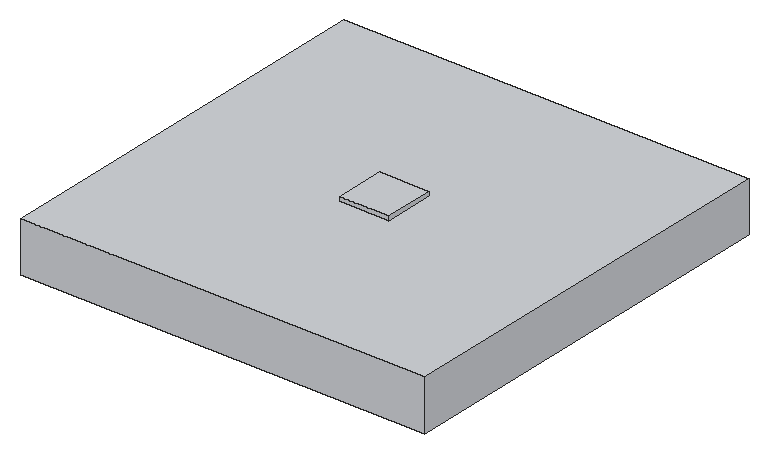
Revit family "M_Conector de duto retangular - Ar de exaustão - Equipamento mecânico", category Equipamento mecânico, Revit 2019
Family settings
  Hospedeiro = Face
  Cota do conector redondo = Utilizar diâmetro
  Tipo de parte = Normal
  Número OmniClass = 23.75.70.21.27
  Título OmniClass = Air Outlets and Inlets
  ID de item do Seek = Rectangular Duct Connector - Exhaust Air - Mechanical Equipment-0000-CAN-ENU
  Corte com vazios quando carregada = Não
  Compartilhado = Não
  Ponto de cálculo do ambiente = Não
Parameters (values of type "Padrão")
  Largura [instance] = 300 mm
  Espessura [instance] = 25 mm
  Altura [instance] = 300 mm
  Fluxo [instance] = 47.19 L/s
  Default Elevation = 0 mm
  Assembly Code = ""
Reference planes
  plane 1 "Centro (Frente/Trás)": y = 0
  plane 2: z = 0
  plane 3 "Centro (Esquerda/Direita)": x = 0
Forms (mm)
  Extrusion 1, solid
    sketch origin (0, 0, 0) x (1, 0, 0) y (0, 1, 0)
      loop
        line (-1219.2, 1219.2) -> (-1219.2, -1219.2) -> (1219.2, -1219.2) -> (1219.2, 1219.2) -> (-1219.2, 1219.2)
    from 0 to -304.8
  Sweep 2, solid
    path in 3D
      loop
        line (0, 0, 0) -> (0, 0, 25)
    profile "M_Duto - Retangular : Duto - Retangular" origin (0, 0, 12.5) x (0, -1, 0) y (1, 0, 0)
      loop
        line (-150, 150) -> (-150, -150) -> (150, -150) -> (150, 150) -> (-150, 150)
Lines and regions (mm)
  reference lines
    curve 1: line (0, 0, 0) -> (0, 0, 25)
  sketch lines
    curve 2: line (0, 0, 0) -> (0, 0, 25)
Dimensions and locks
  "Espessura": curve 1 to curve 1
  aligned and locked: plane 2 to Extrusion 1
  aligned and locked: level to Extrusion 1
  aligned and locked: Extrusion 1 to curve 1
  aligned and locked: curve 1 to plane 1 "Centro (Frente/Trás)"
Automatic sketch dimensions
  Extrusion 1 sketch curve to Extrusion 1 sketch curve = 2438.4 mm  (x2)
Connectors
  hvac at (0, 0, 25), driven by "Altura", driven by "Largura", driven by "Fluxo"
    settings: on Sweep 2, index 1, duct flow 47.19 L/s, flow factor 0, pres drop 0.0 Pa, loss coef 0, conn angle 0.00°, conn width 300 mm, conn height 300 mm, conn diameter 609.6 mm, duct sys type 3, conn prof type 1, flow config 1, flow direction 2, loss method 0, conn ref index -1, conn util no, is conn primary yes, conn desc ""
